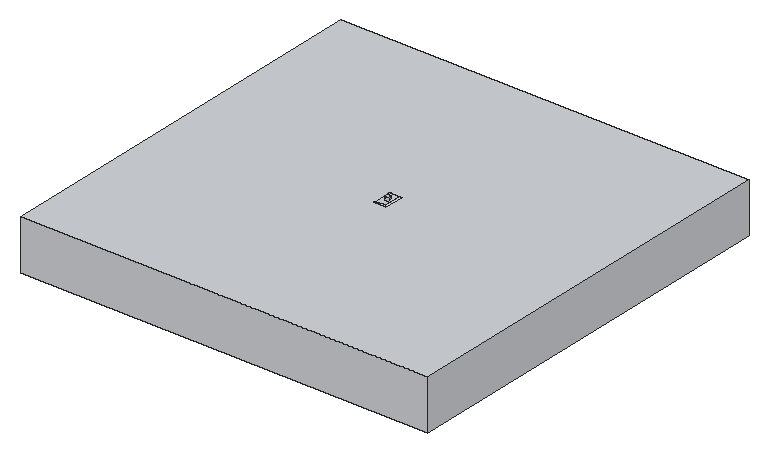
Revit family "bdea80d501214741bb483615ce84ba14", category Fire Alarm Devices, host Face, Revit 2021
Family settings
  Host = Face
  Maintain Annotation Orientation = Yes
  Round Connector Dimension = Use Diameter
  Part Type = Normal
  OmniClass Number = 23.85.30.21.11.17
  OmniClass Title = Other Components
  Seek Item ID = Abort Switch-0000-USA-ENU
  Cut with Voids When Loaded = No
  Shared = No
  Room Calculation Point = No
Parameters (values of type "Standard")
  Width 2 = 0' - 2"
  Switch Material = none
  Surface Width = 0' - 2 7/8"
  Thickness 3 = 0' - 0 19/32"
  Thickness 2 = Thickness - Thickness 1 - Thickness 3  # 0' - 1.6625"
  Thickness 1 = Thickness * 0.05  # 0' - 0.11875"
  Thickness = 0' - 2 3/8"
  Radius 1 = 0' - 0 1/2"
  Label = ""
  Height 2 = 0' - 3 1/2"
  Surface Height = 0' - 4 5/8"
  Default Elevation = 1' - 6"
  Assembly Code = ""
Reference planes (in)
  plane 1 "Center (Front/Back)": y = 0
  plane 2: z = 0
  plane 3 "Center (Left/Right)": x = 0
  plane 4 "Left Inside": x = -1
  plane 5 "Right Inside": x = 1
  plane 6 "Top Inside": y = 1.75
  plane 7 "Bottom Inside": y = -1.75
  plane 8 "Right Outside": x = 1.18604
  plane 9 "Top Outside": y = 2.3125
  plane 10 "Bottom Outside": y = -2.3125
  plane 11 "Front": z = 0.11875
  plane 12 "Back": z = -1.6625
  plane 13: y = 2.0625
  plane 14: y = -2.0625
  plane 15: x = -1.19886
  plane 16: x = 1.4375
  plane 17: z = 0.7125
  plane 18: x = -0.5
  plane 19: x = 0.5
  plane 20: x = -1.4375
Forms (in)
  Extrusion 1, solid
    sketch origin (0, 0, 0) x (1, 0, 0) y (0, 1, 0)
      loop
        line (-49.63881, 48) -> (-49.63881, -48) -> (48, -48) -> (48, 48) -> (-49.63881, 48)
    from 0 to -12
  Extrusion 2, solid, material <- "Switch Material"
    sketch origin (0, 0, 0) x (1, 0, 0) y (0, 1, 0)
      loop
        line (-1, 1.75) -> (-1, -1.75) -> (1, -1.75) -> (1, 1.75) -> (-1, 1.75)
    from 0 to -1.6625
  Blend 3, solid, material <- "Switch Material"
    base sketch origin (0, 0, 0) x (1, 0, 0) y (0, 1, 0)
      loop
        line (-1.4375, 2.3125) -> (-1.4375, -2.3125) -> (1.4375, -2.3125) -> (1.4375, 2.3125) -> (-1.4375, 2.3125)
    top sketch origin (0, 0, 0) x (1, 0, 0) y (0, 1, 0)
      loop
        line (-1.19886, 2.0625) -> (-1.19886, -2.0625) -> (1.18604, -2.0625) -> (1.18604, 2.0625) -> (-1.19886, 2.0625)
    from 0 to 0.11875
  Extrusion 4, solid, material <- "Switch Material"
    sketch origin (0, 0, 0) x (1, 0, 0) y (0, 1, 0)
      loop
        circle (0, 0) r 0.5
    from 0.11875 to 0.7125
Lines and regions (in)
  symbolic lines, detail levels fine
    curve 1: line (-1, 0, 0) -> (-1, 0, -1.6625)
    curve 2: line (-1, 0, -1.6625) -> (1, 0, -1.6625)
    curve 3: line (1, 0, -1.6625) -> (1, 0, 0)
    curve 4: line (-1.4375, 0, 0) -> (1.4375, 0, 0)
    curve 5: line (-1.19886, 0, 0.11875) -> (-1.4375, 0, 0)
    curve 6: line (1.4375, 0, 0) -> (1.18604, 0, 0.11875)
    curve 7: line (1.18604, 0, 0.11875) -> (-1.19886, 0, 0.11875)
    curve 8: line (0.5, 0, 0.7125) -> (-0.5, 0, 0.7125)
    curve 9: line (-0.5, 0, 0.7125) -> (-0.5, 0, 0.11875)
    curve 10: line (0.5, 0, 0.7125) -> (0.5, 0, 0.11875)
Dimensions and locks (in)
  equal spacing: plane 4 "Left Inside", plane 3 "Center (Left/Right)", plane 5 "Right Inside"
  "Width 2": plane 4 "Left Inside" to plane 5 "Right Inside"
  equal spacing: plane 6 "Top Inside", plane 1 "Center (Front/Back)", plane 7 "Bottom Inside"
  "Height 2": plane 6 "Top Inside" to plane 7 "Bottom Inside"
  equal spacing: plane 9 "Top Outside", plane 1 "Center (Front/Back)", plane 10 "Bottom Outside"
  "Surface Height": plane 9 "Top Outside" to plane 10 "Bottom Outside"
  "Thickness 1": plane 11 "Front" to plane 2
  "Thickness 2": plane 2 to plane 12 "Back"
  locked: plane 8 "Right Outside" to plane 16 at 0.25146
  locked: plane 14 to plane 10 "Bottom Outside" at 0.25
  locked: plane 9 "Top Outside" to plane 13 at 0.25
  "Thickness 3": plane 17 to plane 11 "Front"
  equal spacing: plane 19, plane 3 "Center (Left/Right)", plane 18
  "Radius 1": plane 3 "Center (Left/Right)" to plane 18
  locked: plane 20 to plane 15 at 0.23864
  equal spacing: plane 20, plane 3 "Center (Left/Right)", plane 16
  "Surface Width": plane 20 to plane 16
  "Radius 1": radius of Extrusion 4 sketch curve
  aligned and locked: plane 2 to Extrusion 1
  aligned and locked: level to Extrusion 1
  aligned and locked: plane 4 "Left Inside" to Extrusion 2 sketch curve
  aligned and locked: Extrusion 2 sketch curve to plane 6 "Top Inside"
  aligned and locked: plane 7 "Bottom Inside" to Extrusion 2 sketch curve
  aligned and locked: Extrusion 2 sketch curve to plane 5 "Right Inside"
  aligned and locked: Extrusion 2 to plane 12 "Back"
  aligned and locked: plane 10 "Bottom Outside" to Blend 3 sketch curve
  aligned and locked: Blend 3 sketch curve to plane 16
  aligned and locked: Blend 3 sketch curve to plane 9 "Top Outside"
  aligned and locked: Blend 3 sketch curve to plane 13
  aligned and locked: plane 15 to Blend 3 sketch curve
  aligned and locked: plane 14 to Blend 3 sketch curve
  aligned and locked: Blend 3 sketch curve to plane 8 "Right Outside"
  aligned and locked: plane 11 "Front" to Blend 3
  aligned and locked: Blend 3 to plane 2
  aligned and locked: plane 1 "Center (Front/Back)" to Extrusion 4 sketch curve
  aligned and locked: plane 3 "Center (Left/Right)" to Extrusion 4 sketch curve
  aligned and locked: plane 17 to Extrusion 4
  aligned and locked: Extrusion 4 to plane 11 "Front"
  aligned and locked: curve 1 to Extrusion 2
  aligned and locked: curve 2 to Extrusion 2
  aligned and locked: curve 3 to Extrusion 2
  aligned and locked: curve 4 to Blend 3
  aligned and locked: curve 5 to Blend 3
  aligned and locked: curve 6 to Blend 3
  aligned and locked: curve 7 to Blend 3
  aligned and locked: curve 8 to Extrusion 4
  aligned and locked: plane 17 to curve 9
  aligned and locked: plane 18 to curve 9
  aligned and locked: plane 11 "Front" to curve 10
  aligned and locked: plane 19 to curve 10
  aligned and locked: plane 20 to Blend 3 sketch curve
  aligned and locked: plane 1 "Center (Front/Back)" to nested 1
  aligned and locked: plane 3 "Center (Left/Right)" to nested 1
Automatic sketch dimensions
  Extrusion 1 sketch curve to Extrusion 1 sketch curve = 8' - 1.63881"
  Extrusion 1 sketch curve to Extrusion 1 sketch curve = 8' - 0"
Nested families (in)
  nested 1: "Abort Switch Annotation" at (0, 0, 0), type "Abort Switch Annotation", detail levels coarse+medium
Connectors (in)
  electrical at (0, 1.75, -0.83125)
    settings: on Extrusion 2, index 1, voltage 0 V, apparent load 0 VA, apparent load phase1 0 VA, apparent load phase2 0 VA, apparent load phase3 0 VA, power factor 0, load classification "Other", number of poles 1, system type 11, power factor state 1, is connector primary yes, connector utility no, sub classification motor no, connector description ""
Definition of nested family "Abort Switch Annotation"
  Parameters
    Label Annotation = ""
  Reference planes (in)
    plane 1: y = 0
    plane 2: x = 0
  Lines and regions (in)
    detail lines
      curve 1: line (-0.04688, 0.09375, 0) -> (0.04688, 0.09375, 0)
      curve 2: line (-0.04688, 0, 0) -> (-0.04688, 0.09375, 0)
      curve 3: line (0.04688, 0, 0) -> (-0.04688, 0, 0)
      curve 4: line (0.04688, 0.09375, 0) -> (0.04688, 0, 0)
      curve 5: line (0, 0.09375, 0) -> (0, 0.15619, 0)
      curve 7: arc (0.07297, 0.12126, 0) -> (0.00013, 0.15619, 0) -> (-0.07281, 0.12146, 0) r 0.09369
    reference lines
      curve 6: line (-0.25703, 0.0625, 0) -> (0.61732, 0.0625, 0)
  Text (in)
    label "W" at (0.05152, -0.00273, 0), shows "Label Annotation"
  Dimensions and locks (in)
    equal spacing: curve 2, plane 2, curve 4
    curve 2 to plane 2 = 0' - 0 3/64"
    locked: curve 3 to curve 1 at 0.09375
    locked: curve 5 to curve 5 at 0.06244
    locked: curve 6 to curve 5 at 0.09369
    curve 1 to curve 7 = 0' - 0.02771"
    aligned and locked: curve 3 to plane 1
